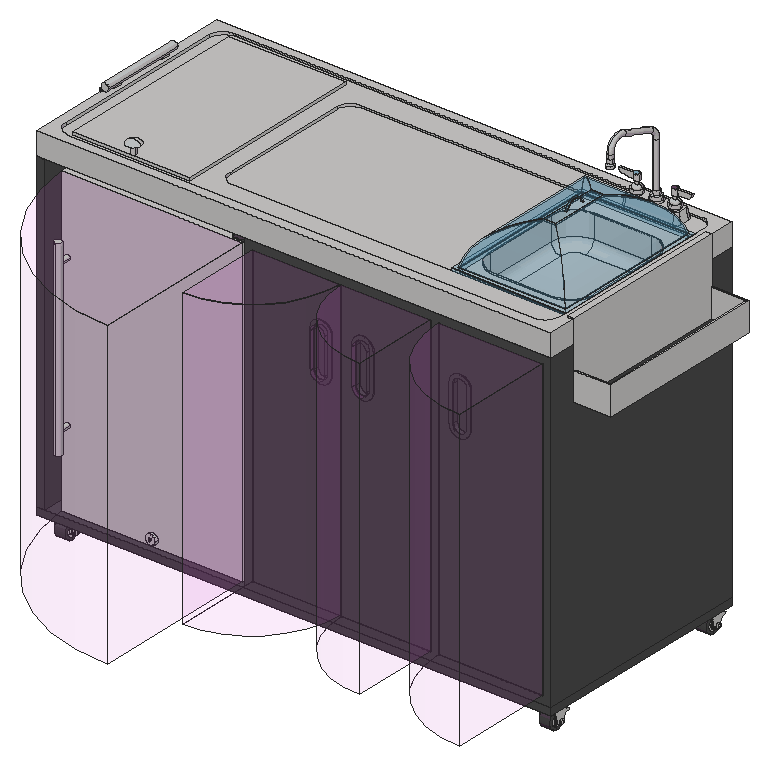
Revit family "QF_Summit_CARTOS54RS_Mobile_Outdoor_Serving_Station_with_Refrigerator", category Specialty Equipment, Revit 2020
Family settings
  Round Connector Dimension = Use Diameter
  Part Type = Normal
  Work Plane-Based = No
  Always vertical = Yes
  Cut with Voids When Loaded = No
  Shared = No
  Room Calculation Point = No
Parameters
  Weight in Pounds = 180
  Watts = Volts * FL Amps  # 0 W
  Volts = 0 V
  URL Cutsheet = ""
  Specification by User = ""
  Specification by Manufacturer = ""
  Show RHD [instance] = yes
  Show LHD [instance] = not(Show RHD)  # no
  Show Clearance [instance] = yes
  Serial Number = ""
  Seismic Rating = ""
  SMACNA No = ""
  Revision Code = ""
  Refrigerant Volume = 0.00 kip
  Refrigerant Type = "R600a"
  Phase = 0
  Number of Poles = 1
  NAFEM Spec ID Number = ""
  Model = "CARTOS54RS"
  Min Ckt Ampacity = 0 A
  Max Overcurrent Protection = 0 A
  Masterspec = ""
  Manufacturer = "Summit"
  Length = 57 7/8"
  Item Number = ""
  Installed By = ""
  Identify Quantity as Lot = yes
  Height = 38 1/2"
  HP = ""
  Furnished By = ""
  Foodservice Equipment Identifier = yes
  FL Amps = 0 A
  Electrical Remarks = ""
  Electric Connection Type = ""
  Elec Conn RI Height = 0"
  Elec Conn Connection Height = 0"
  Description = "Mobile Outdoor Serving Station with Refrigerator"
  Depth = 23 5/8"
  Default Elevation = 0"
  Cycle = 0 Hz
  Conn Plug = ""
  Conn Conduit = yes
  CSI MasterFormat = ""
  Apparent Power = if(Phase = 3, Volts * FL Amps * 1.73, Volts * FL Amps)  # 0 VA
Reference planes (in)
  plane 1 "BACK": y = 0
  plane 2: z = 0
  plane 3 "LEFT": x = -5.125
  plane 4 "RIGHT": x = 48.75
  plane 5 "FRONT": y = -23.625
  plane 6 "TOP": z = 38.5
  plane 7 "Center Y": x = 21.8125
  plane 8 "Center X": y = -11.8125
  plane 9 "Base Height": z = 2.5
  plane 10: y = -38.63
  plane 11: z = 3.25
  plane 12: x = 36
  plane 13: x = 52.75
Forms (in)
  Extrusion 1, solid, material "QF_Metal - Stainless - Polished"
    sketch origin (32, 0, 38.5) x (-1, 0, 0) y (0, -1, 0)
      loop
        line (-16.75, 0) -> (37.125, 0) -> (37.125, 23.625) -> (-16.75, 23.625) -> (-16.75, 0)
      loop
        line (-15.0625, 15.73093) -> (-15.0625, 7.73093)
        arc (-15.0625, 7.73093) -> (-14.31196, 5.91896) -> (-12.5, 5.16843) r 2.5625
        line (-12.5, 5.16843) -> (-6.5, 5.16843)
        arc (-6.5, 5.16843) -> (-4.68804, 5.91896) -> (-3.9375, 7.73093) r 2.5625
        line (-3.9375, 7.73093) -> (-3.9375, 15.73093)
        arc (-3.9375, 15.73093) -> (-4.68804, 17.54289) -> (-6.5, 18.29343) r 2.5625
        line (-6.5, 18.29343) -> (-12.5, 18.29343)
        arc (-12.5, 18.29343) -> (-14.31196, 17.54289) -> (-15.0625, 15.73093) r 2.5625
    from 0 to -2.375
  Sweep 2, solid, material "QF_Metal - Stainless - Polished"
    path origin (31.7054, 0.875, 0) x (1, 0, 0) y (0, 1, 0)
      loop
        arc (4.2946, -16.60593) -> (5.02683, -18.37369) -> (6.7946, -19.10593) r 2.5
        line (6.7946, -19.10593) -> (12.7946, -19.10593)
        arc (12.7946, -19.10593) -> (14.56236, -18.37369) -> (15.2946, -16.60593) r 2.5
        line (15.2946, -16.60593) -> (15.2946, -8.60593)
        arc (15.2946, -8.60593) -> (14.56236, -6.83816) -> (12.7946, -6.10593) r 2.5
        line (12.7946, -6.10593) -> (6.7946, -6.10593)
        arc (6.7946, -6.10593) -> (5.02683, -6.83816) -> (4.2946, -8.60593) r 2.5
        line (4.2946, -8.60593) -> (4.2946, -16.60593)
    profile origin (36, -11.73093, 0) x (-1, 0, 0) y (0, 0, 1)
      loop
        line (0, 38) -> (0, 35.5625)
        arc (0, 35.5625) -> (-0.29289, 34.85539) -> (-1, 34.5625) r 1
        line (-1, 34.5625) -> (-1, 34.5)
        arc (-1, 34.5) -> (-0.2487, 34.8112) -> (0.0625, 35.5625) r 1.0625
        line (0.0625, 35.5625) -> (0.0625, 38) -> (0, 38)
  Extrusion 3, solid, material "QF_Plastic - Black - Smooth"
    sketch origin (-18.18739, -180, 2.5) x (-1, 0, 0) y (0, -1, 0)
      loop
        line (-66.93739, -180) -> (-13.06239, -180) -> (-13.06239, -156.375) -> (-13.93739, -156.375) -> (-13.93739, -179) -> (-34.81239, -179) -> (-34.81239, -156.375) -> (-35.68739, -156.375) -> (-35.68739, -179) -> (-66.06239, -179) -> (-66.06239, -156.375) -> (-66.93739, -156.375) -> (-66.93739, -180)
    from 0.75 to 33.625
  Extrusion 4, solid, material "QF_Plastic - Black - Smooth"
    sketch origin (-4.25, -23.625, 2.5) x (-1, 0, 0) y (0, 0, -1)
      loop
        line (-52.125, -33.625) -> (-41.25, -33.625) -> (-41.25, -32.75) -> (-52.125, -32.75) -> (-52.125, -33.625)
      loop
        line (-40.375, -33.625) -> (-21.75, -33.625) -> (-21.75, -32.75) -> (-40.375, -32.75) -> (-40.375, -33.625)
    from 0 to -1
  Extrusion 5, solid, material "QF_Plastic - Black - Smooth"
    sketch origin (4.5, -1, 2.5) x (1, 0, 0) y (0, 0, 1)
      loop
        line (43.375, 1.625) -> (13, 1.625) -> (13, 0.75) -> (43.375, 0.75) -> (43.375, 1.625)
    from 0 to 22.625
  Extrusion 6, solid, material "QF_Plastic - Black - Smooth"
    sketch origin (20, -23.625, 2.5) x (-1, 0, 0) y (0, 0, -1)
      loop
        line (-27.875, -1.625) -> (-27.875, -32.75) -> (-17, -32.75) -> (-17, -1.625) -> (-27.875, -1.625)
      loop
        line (-16.125, -32.75) -> (-6.8125, -32.75) -> (-6.8125, -1.625) -> (-16.125, -1.625) -> (-16.125, -32.75)
      loop
        line (-6.6875, -32.75) -> (2.5, -32.75) -> (2.5, -1.625) -> (-6.6875, -1.625) -> (-6.6875, -32.75)
    from 0 to -1
  Extrusion 7, void
    sketch origin (7.40962, -23.625, 2.5) x (-1, 0, 0) y (0, 0, -1)
      loop
        arc (-32.59038, -27.625) -> (-31.84038, -28.375) -> (-31.09038, -27.625) r 0.75
        line (-31.09038, -27.625) -> (-31.09038, -23.875)
        arc (-31.09038, -23.875) -> (-31.84038, -23.125) -> (-32.59038, -23.875) r 0.75
        line (-32.59038, -23.875) -> (-32.59038, -27.625)
    from 0.5 to -0.5009
  Extrusion 8, solid, material "QF_Plastic - Black - Smooth"
    sketch origin (27.47212, -23.625, 2.5) x (-1, 0, 0) y (0, 0, -1)
      loop
        arc (3.53462, -23.875) -> (2.78462, -23.125) -> (2.03462, -23.875) r 0.75
        line (2.03462, -23.875) -> (2.03462, -27.625)
        arc (2.03462, -27.625) -> (2.78462, -28.375) -> (3.53462, -27.625) r 0.75
        line (3.53462, -27.625) -> (3.53462, -23.875)
      loop
        line (3.90962, -27.625) -> (3.90962, -23.875)
        arc (3.90962, -23.875) -> (2.78462, -22.75) -> (1.65962, -23.875) r 1.125
        line (1.65962, -23.875) -> (1.65962, -27.625)
        arc (1.65962, -27.625) -> (2.78462, -28.75) -> (3.90962, -27.625) r 1.125
    from 0 to 0.0625
  Extrusion 9, solid, material "QF_Metal - Stainless - Polished"
    sketch origin (17.8135, 0.875, 5.375) x (1, 0, 0) y (0, 1, 0)
      loop
        line (19.1865, -8.60593) -> (19.1865, -16.60593)
        arc (19.1865, -16.60593) -> (19.62584, -17.66659) -> (20.6865, -18.10593) r 1.5
        line (20.6865, -18.10593) -> (26.6865, -18.10593)
        arc (26.6865, -18.10593) -> (27.74716, -17.66659) -> (28.1865, -16.60593) r 1.5
        line (28.1865, -16.60593) -> (28.1865, -8.60593)
        arc (28.1865, -8.60593) -> (27.74716, -7.54527) -> (26.6865, -7.10593) r 1.5
        line (26.6865, -7.10593) -> (20.6865, -7.10593)
        arc (20.6865, -7.10593) -> (19.62584, -7.54527) -> (19.1865, -8.60593) r 1.5
      loop
        circle (22.6865, -15.35593) r 0.875
    from 29.125 to 29.1875
  Extrusion 10, solid, material "QF_Clearances_Door_Drawer", visible <- "Show Clearance"
    sketch origin (-7.19319, 0, 0) x (1, 0, 0) y (0, 1, 0)
      loop
        line (33.88069, -23.625) -> (24.69319, -23.625) -> (24.69319, -32.8125)
        arc (24.69319, -32.8125) -> (31.18974, -30.12154) -> (33.88069, -23.625) r 9.1875
      loop
        arc (34.00569, -23.625) -> (36.73326, -30.20993) -> (43.31819, -32.9375) r 9.3125
        line (43.31819, -32.9375) -> (43.31819, -23.625) -> (34.00569, -23.625)
      loop
        arc (44.19319, -23.625) -> (47.37841, -31.31479) -> (55.06819, -34.5) r 10.875
        line (55.06819, -34.5) -> (55.06819, -23.625) -> (44.19319, -23.625)
    from 4.125 to 35.25
  Extrusion 11, void
    sketch origin (32, 0, 38.5) x (-1, 0, 0) y (0, -1, 0)
      loop
        line (36.125, 2.35593) -> (36.125, 21.125)
        arc (36.125, 21.125) -> (35.68566, 22.18566) -> (34.625, 22.625) r 1.5
        line (34.625, 22.625) -> (-14.25, 22.625)
        arc (-14.25, 22.625) -> (-15.31066, 22.18566) -> (-15.75, 21.125) r 1.5
        line (-15.75, 21.125) -> (-15.75, 2.35593)
        arc (-15.75, 2.35593) -> (-15.31066, 1.29527) -> (-14.25, 0.85593) r 1.5
        line (-14.25, 0.85593) -> (34.625, 0.85593)
        arc (34.625, 0.85593) -> (35.68566, 1.29527) -> (36.125, 2.35593) r 1.5
      loop
        line (-6.5, 18.29343) -> (-12.5, 18.29343)
        arc (-12.5, 18.29343) -> (-14.31196, 17.54289) -> (-15.0625, 15.73093) r 2.5625
        line (-15.0625, 15.73093) -> (-15.0625, 7.73093)
        arc (-15.0625, 7.73093) -> (-14.31196, 5.91896) -> (-12.5, 5.16843) r 2.5625
        line (-12.5, 5.16843) -> (-6.5, 5.16843)
        arc (-6.5, 5.16843) -> (-4.68804, 5.91896) -> (-3.9375, 7.73093) r 2.5625
        line (-3.9375, 7.73093) -> (-3.9375, 15.73093)
        arc (-3.9375, 15.73093) -> (-4.68804, 17.54289) -> (-6.5, 18.29343) r 2.5625
    from -0.25 to 1
  Extrusion 12, void
    sketch origin (32, 0, 38.25) x (-1, 0, 0) y (0, -1, 0)
      loop
        arc (19.25, 3.35593) -> (20.31066, 3.79527) -> (20.75, 4.85593) r 1.5
        line (20.75, 4.85593) -> (20.75, 18.85593)
        arc (20.75, 18.85593) -> (20.31066, 19.91659) -> (19.25, 20.35593) r 1.5
        line (19.25, 20.35593) -> (-15.75, 20.35593) -> (-15.75, 3.35593) -> (19.25, 3.35593)
      loop
        line (22.4375, 1.5) -> (34.6875, 1.5) -> (34.6875, 22) -> (22.4375, 22) -> (22.4375, 1.5)
    from -0.25 to 1
  Extrusion 13, void
    sketch origin (8.05337, -23.625, 7.37985) x (-1, 0, 0) y (0, 0, -1)
      loop
        line (-21.75913, -18.99515) -> (-21.75913, -22.74515)
        arc (-21.75913, -22.74515) -> (-21.00913, -23.49515) -> (-20.25913, -22.74515) r 0.75
        line (-20.25913, -22.74515) -> (-20.25913, -18.99515)
        arc (-20.25913, -18.99515) -> (-21.00913, -18.24515) -> (-21.75913, -18.99515) r 0.75
    from 0.5 to -0.5009
  Extrusion 14, solid, material "QF_Plastic - Black - Smooth"
    sketch origin (22.30337, -23.625, 7.37985) x (-1, 0, 0) y (0, 0, -1)
      loop
        arc (-7.50913, -22.74515) -> (-6.75913, -23.49515) -> (-6.00913, -22.74515) r 0.75
        line (-6.00913, -22.74515) -> (-6.00913, -18.99515)
        arc (-6.00913, -18.99515) -> (-6.75913, -18.24515) -> (-7.50913, -18.99515) r 0.75
        line (-7.50913, -18.99515) -> (-7.50913, -22.74515)
      loop
        arc (-7.88413, -22.74515) -> (-6.75913, -23.87015) -> (-5.63413, -22.74515) r 1.125
        line (-5.63413, -22.74515) -> (-5.63413, -18.99515)
        arc (-5.63413, -18.99515) -> (-6.75913, -17.87015) -> (-7.88413, -18.99515) r 1.125
        line (-7.88413, -18.99515) -> (-7.88413, -22.74515)
    from 0 to 0.0625
  Extrusion 15, solid, material "QF_Plastic - Black - Smooth"
    sketch origin (-11.06091, -180, 2.5) x (-1, 0, 0) y (0, -1, 0)
      loop
        line (-5.93591, -180) -> (-5.93591, -156.375) -> (-59.81091, -156.375) -> (-59.81091, -180) -> (-5.93591, -180)
    from 0 to 0.75
  Extrusion 16, void
    sketch origin (12.42837, -23.625, 7.37985) x (-1, 0, 0) y (0, 0, -1)
      loop
        line (-13.00913, -18.99515) -> (-13.00913, -22.74515)
        arc (-13.00913, -22.74515) -> (-12.25913, -23.49515) -> (-11.50913, -22.74515) r 0.75
        line (-11.50913, -22.74515) -> (-11.50913, -18.99515)
        arc (-11.50913, -18.99515) -> (-12.25913, -18.24515) -> (-13.00913, -18.99515) r 0.75
    from 0.5 to -0.5009
  Extrusion 17, solid, material "QF_Plastic - Black - Smooth"
    sketch origin (32.49087, -23.625, 7.37985) x (-1, 0, 0) y (0, 0, -1)
      loop
        arc (-7.50913, -22.74515) -> (-6.75913, -23.49515) -> (-6.00913, -22.74515) r 0.75
        line (-6.00913, -22.74515) -> (-6.00913, -18.99515)
        arc (-6.00913, -18.99515) -> (-6.75913, -18.24515) -> (-7.50913, -18.99515) r 0.75
        line (-7.50913, -18.99515) -> (-7.50913, -22.74515)
      loop
        arc (-7.88413, -22.74515) -> (-6.75913, -23.87015) -> (-5.63413, -22.74515) r 1.125
        line (-5.63413, -22.74515) -> (-5.63413, -18.99515)
        arc (-5.63413, -18.99515) -> (-6.75913, -17.87015) -> (-7.88413, -18.99515) r 1.125
        line (-7.88413, -18.99515) -> (-7.88413, -22.74515)
    from 0 to 0.0625
  Extrusion 18, solid, material "QF_Plastic - Black - Smooth"
    sketch origin (-4.25, -23.625, 2.5) x (-1, 0, 0) y (0, 0, -1)
      loop
        line (-41.25, -33.625) -> (-40.375, -33.625) -> (-40.375, -0.75) -> (-41.25, -0.75) -> (-41.25, -33.625)
    from 0 to -1
  Sweep 19, solid, material "Glass"
    path origin (39.96005, -0.00258, 38) x (-1, 0, 0) y (0, -1, 0)
      loop
        line (4.26563, 20.35335) -> (-7.78995, 20.35335) -> (-7.78995, 3.35335) -> (4.26563, 3.35335) -> (4.26563, 20.35335)
    profile origin (35.69442, -11.85593, 38) x (-1, 0, 0) y (0, 0, 1)
      loop
        line (0, 0) -> (0, 0.5) -> (-0.5, 0.5) -> (-0.5, 0) -> (0, 0)
  Sweep 20, solid, material "Glass"
    path in 3D
      loop
        line (36.19442, -3.85593, 38.5) -> (47.25, -3.85593, 38.5) -> (47.25, -19.85593, 38.5) -> (36.19442, -19.85593, 38.5) -> (36.19442, -3.85593, 38.5)
    profile origin (36.19442, -11.85593, 38.5) x (-1, 0, 0) y (0, 0, 1)
      loop
        arc (0.12794, 0) -> (-1.6564, 2.93188) -> (-4.8745, 4.12503) r 5.22703
        line (-4.8745, 4.12503) -> (-4.8745, 4)
        arc (-4.8745, 4) -> (-1.74534, 2.84318) -> (0, 0) r 5.10203
        line (0, 0) -> (0.12794, 0)
  Extrusion 21, solid, material "Glass"
    sketch origin (41.6245, -15.56871, 42.49525) x (0, 0, 1) y (0, 1, 0)
      loop
        arc (0.12978, 2.63306) -> (1.00643, 3.76261) -> (0.12978, 4.89216) r 1.16603
        line (0.12978, 4.89216) -> (0.12978, 4.76261)
        arc (0.12978, 4.76261) -> (0.88143, 3.76261) -> (0.12978, 2.76261) r 1.04103
        line (0.12978, 2.76261) -> (0.12978, 2.63306)
    from 0 to -0.251
  Sweep 22, solid, material "Glass", not visible
    path origin (0, 0, 38.25) x (-1, 0, 0) y (0, -1, 0)
      loop
        line (4.26563, 20.35335) -> (-7.78995, 20.35335) -> (-7.78995, 3.35335) -> (4.26563, 3.35335) -> (4.26563, 20.35335)
    profile origin (-4.26563, -11.85335, 38.25) x (-1, 0, 0) y (0, 0, 1)
      loop
        line (0, 0) -> (0, 0.5) -> (-0.5, 0.5) -> (-0.5, 0) -> (0, 0)
  Sweep 23, solid, material "Glass", not visible
    path in 3D
      loop
        line (-3.76563, -3.85335, 38.75) -> (7.28995, -3.85335, 38.75) -> (7.28995, -19.85335, 38.75) -> (-3.76563, -19.85335, 38.75) -> (-3.76563, -3.85335, 38.75)
    profile origin (-3.76563, -11.85335, 38.75) x (-1, 0, 0) y (0, 0, 1)
      loop
        arc (0.12794, 0) -> (-1.6564, 2.93188) -> (-4.8745, 4.12503) r 5.22703
        line (-4.8745, 4.12503) -> (-4.8745, 4)
        arc (-4.8745, 4) -> (-1.74534, 2.84318) -> (0, 0) r 5.10203
        line (0, 0) -> (0.12794, 0)
  Extrusion 24, solid, material "Glass", not visible
    sketch origin (1.66445, -15.56613, 42.74525) x (0, 0, 1) y (0, 1, 0)
      loop
        arc (0.12978, 2.63306) -> (1.00643, 3.76261) -> (0.12978, 4.89216) r 1.16603
        line (0.12978, 4.89216) -> (0.12978, 4.76261)
        arc (0.12978, 4.76261) -> (0.88143, 3.76261) -> (0.12978, 2.76261) r 1.04103
        line (0.12978, 2.76261) -> (0.12978, 2.63306)
    from 0 to -0.251
  Extrusion 25, solid, material "Glass"
    sketch origin (41.06892, -14.98142, 42.5) x (0, 1, 0) y (0, 0, 1)
      loop
        line (0, 0) -> (6.251, 0) -> (6.251, 0.12503) -> (0, 0.12503) -> (0, 0)
    from 0 to 1.30657
  Extrusion 26, solid, material "Glass", not visible
    sketch origin (1.10888, -14.97885, 42.75) x (0, 1, 0) y (0, 0, 1)
      loop
        line (0, 0) -> (6.251, 0) -> (6.251, 0.12503) -> (0, 0.12503) -> (0, 0)
    from 0 to 1.30657
  Extrusion 27, solid, material "QF_Metal - Stainless - Polished"
    sketch origin (43.625, 0, 38.5) x (1, 0, 0) y (0, 1, 0)
      loop
        line (9.125, -2.8125) -> (5.125, -2.8125) -> (5.125, -20.8125) -> (9.125, -20.8125) -> (9.125, -2.8125)
      loop
        line (9, -2.9375) -> (5.25, -2.9375) -> (5.25, -20.6875) -> (9, -20.6875) -> (9, -2.9375)
    from -4.75 to -7.75
  Extrusion 28, solid, material "QF_Metal - Stainless - Polished"
    sketch origin (43.625, -11.8125, 0) x (1, 0, 0) y (0, 0, -1)
      loop
        line (5.25, -33.75) -> (5.125, -33.75) -> (5.125, -38.5) -> (4.625, -38.5) -> (4.625, -38.625) -> (5.25, -38.625) -> (5.25, -33.75)
    from -9 to 9
  Extrusion 29, solid, material "QF_Metal - Stainless - Polished"
    sketch origin (43.625, 0, 0) x (-1, 0, 0) y (0, 0, -1)
      loop
        circle (47.5, -39.77998) r 0.375
    from 7.23093 to 16.24046
  Extrusion 30, solid, material "QF_Metal - Stainless - Polished"
    sketch origin (43.625, 0, 0) x (-1, 0, 0) y (0, 0, -1)
      loop
        arc (47.25, -39.50047) -> (47.52746, -39.40598) -> (47.78815, -39.53999) r 0.375
        line (47.78815, -39.53999) -> (48.83236, -38.80883)
        arc (48.83236, -38.80883) -> (48.8637, -38.77309) -> (48.875, -38.72691) r 0.1
        line (48.875, -38.72691) -> (48.875, -37.66184) -> (48.75, -37.66184) -> (48.75, -38.66184)
        arc (48.75, -38.66184) -> (48.7387, -38.70801) -> (48.70736, -38.74376) r 0.1
        line (48.70736, -38.74376) -> (47.85473, -39.34077)
        arc (47.85473, -39.34077) -> (47.80199, -39.35875) -> (47.74781, -39.34571) r 0.1
        arc (47.74781, -39.34571) -> (47.62819, -39.29669) -> (47.5, -39.27998) r 0.5
        arc (47.5, -39.27998) -> (47.37059, -39.29701) -> (47.25, -39.34696) r 0.5
        line (47.25, -39.34696) -> (47.25, -39.50047)
    from 8.24046 to 8.99046
  Extrusion 31, solid, material "QF_Metal - Stainless - Polished"
    sketch origin (43.625, -11.8125, 0) x (1, 0, 0) y (0, 0, -1)
      loop
        line (-47.85473, -39.34077) -> (-48.70736, -38.74376)
        arc (-48.70736, -38.74376) -> (-48.7387, -38.70801) -> (-48.75, -38.66184) r 0.1
        line (-48.75, -38.66184) -> (-48.75, -37.66184) -> (-48.875, -37.66184) -> (-48.875, -38.72691)
        arc (-48.875, -38.72691) -> (-48.8637, -38.77309) -> (-48.83236, -38.80883) r 0.1
        line (-48.83236, -38.80883) -> (-47.78815, -39.53999)
        arc (-47.78815, -39.53999) -> (-47.52746, -39.40598) -> (-47.25, -39.50047) r 0.375
        line (-47.25, -39.50047) -> (-47.25, -39.34696)
        arc (-47.25, -39.34696) -> (-47.37059, -39.29701) -> (-47.5, -39.27998) r 0.5
        arc (-47.5, -39.27998) -> (-47.62819, -39.29669) -> (-47.74781, -39.34571) r 0.5
        arc (-47.74781, -39.34571) -> (-47.80199, -39.35875) -> (-47.85473, -39.34077) r 0.1
    from -2.67796 to -3.42796
  Extrusion 32, solid, material "QF_Metal - Stainless - Polished"
    sketch origin (11.625, 0, 38.25) x (1, 0, 0) y (0, 1, 0)
      loop
        line (-2.0625, -1.5) -> (-14.3125, -1.5) -> (-14.3125, -22) -> (-2.0625, -22) -> (-2.0625, -1.5)
    from 0 to 0.25
  Revolve 33, solid, material "QF_Metal - Stainless - Polished"
    sketch origin (43.625, -21.65625, 0) x (1, 0, 0) y (0, 0, -1)
      loop
        line (-40.1875, -38.5) -> (-40.1875, -39.84973)
        arc (-40.1875, -39.84973) -> (-39.76578, -39.77505) -> (-39.4375, -39.5) r 0.82968
        line (-39.4375, -39.5) -> (-39.9375, -39.5) -> (-39.9375, -38.5) -> (-40.1875, -38.5)
      axis (-40.1875, -39.84973) -> (-40.1875, -38.5)
    angle from 0 to 360
Cuts and joins
  joined: Extrusion 3, Extrusion 4, Extrusion 5, Extrusion 18
  Extrusion 7, Extrusion 13, Extrusion 16 cuts Extrusion 6
  Extrusion 13 cuts Extrusion 8
  Extrusion 13, Extrusion 16 cuts Extrusion 10
  Extrusion 13, Extrusion 16 cuts Extrusion 14
  Extrusion 11, Extrusion 12 cuts Extrusion 1
  Extrusion 16 cuts Extrusion 17
  joined: Sweep 2, Extrusion 9
  joined: Sweep 19, Sweep 20, Extrusion 21, Extrusion 25
  joined: Extrusion 27, Extrusion 28
Lines and regions (in)
  Split face 1
    outline origin (11.625, 0, 38.5) x (1, 0, 0) y (0, 1, 0)
      loop
        line (-2.75, -2.1875) -> (-13.625, -2.1875) -> (-13.625, -21.3125) -> (-2.75, -21.3125) -> (-2.75, -2.1875)
  Split face 2
    outline origin (12.75, -3.35593, 38) x (0, -1, 0) y (1, 0, 0)
      loop
        arc (1.875, 0.375) -> (2.25, 0) -> (2.625, 0.375) r 0.375
        line (2.625, 0.375) -> (2.625, 21.125)
        arc (2.625, 21.125) -> (2.25, 21.5) -> (1.875, 21.125) r 0.375
        line (1.875, 21.125) -> (1.875, 0.375)
  Split face 3
    outline origin (12.75, -3.35593, 38) x (0, -1, 0) y (1, 0, 0)
      loop
        line (3.125, 21.125) -> (3.125, 0.375)
        arc (3.125, 0.375) -> (3.5, 0) -> (3.875, 0.375) r 0.375
        line (3.875, 0.375) -> (3.875, 21.125)
        arc (3.875, 21.125) -> (3.5, 21.5) -> (3.125, 21.125) r 0.375
  Split face 4
    outline origin (12.75, -3.35593, 38) x (0, -1, 0) y (1, 0, 0)
      loop
        line (4.375, 21.125) -> (4.375, 0.375)
        arc (4.375, 0.375) -> (4.75, 0) -> (5.125, 0.375) r 0.375
        line (5.125, 0.375) -> (5.125, 21.125)
        arc (5.125, 21.125) -> (4.75, 21.5) -> (4.375, 21.125) r 0.375
  Split face 5
    outline origin (12.75, -3.35593, 38) x (0, -1, 0) y (1, 0, 0)
      loop
        arc (6.375, 21.125) -> (6, 21.5) -> (5.625, 21.125) r 0.375
        line (5.625, 21.125) -> (5.625, 0.375)
        arc (5.625, 0.375) -> (6, 0) -> (6.375, 0.375) r 0.375
        line (6.375, 0.375) -> (6.375, 21.125)
  Split face 6
    outline origin (12.75, -3.35593, 38) x (0, -1, 0) y (1, 0, 0)
      loop
        arc (6.875, 0.375) -> (7.25, 0) -> (7.625, 0.375) r 0.375
        line (7.625, 0.375) -> (7.625, 21.125)
        arc (7.625, 21.125) -> (7.25, 21.5) -> (6.875, 21.125) r 0.375
        line (6.875, 21.125) -> (6.875, 0.375)
  Split face 7
    outline origin (12.75, -3.35593, 38) x (0, -1, 0) y (1, 0, 0)
      loop
        arc (8.125, 0.375) -> (8.5, 0) -> (8.875, 0.375) r 0.375
        line (8.875, 0.375) -> (8.875, 21.125)
        arc (8.875, 21.125) -> (8.5, 21.5) -> (8.125, 21.125) r 0.375
        line (8.125, 21.125) -> (8.125, 0.375)
  Split face 8
    outline origin (12.75, -3.35593, 38) x (0, -1, 0) y (1, 0, 0)
      loop
        line (9.375, 21.125) -> (9.375, 0.375)
        arc (9.375, 0.375) -> (9.75, 0) -> (10.125, 0.375) r 0.375
        line (10.125, 0.375) -> (10.125, 21.125)
        arc (10.125, 21.125) -> (9.75, 21.5) -> (9.375, 21.125) r 0.375
  Split face 9
    outline origin (12.75, -3.35593, 38) x (0, -1, 0) y (1, 0, 0)
      loop
        arc (10.625, 0.375) -> (11, 0) -> (11.375, 0.375) r 0.375
        line (11.375, 0.375) -> (11.375, 21.125)
        arc (11.375, 21.125) -> (11, 21.5) -> (10.625, 21.125) r 0.375
        line (10.625, 21.125) -> (10.625, 0.375)
  Split face 10
    outline origin (12.75, -3.35593, 38) x (0, -1, 0) y (1, 0, 0)
      loop
        line (11.875, 21.125) -> (11.875, 0.375)
        arc (11.875, 0.375) -> (12.25, 0) -> (12.625, 0.375) r 0.375
        line (12.625, 0.375) -> (12.625, 21.125)
        arc (12.625, 21.125) -> (12.25, 21.5) -> (11.875, 21.125) r 0.375
  Split face 11
    outline origin (12.75, -3.35593, 38) x (0, -1, 0) y (1, 0, 0)
      loop
        line (13.125, 21.125) -> (13.125, 0.375)
        arc (13.125, 0.375) -> (13.5, 0) -> (13.875, 0.375) r 0.375
        line (13.875, 0.375) -> (13.875, 21.125)
        arc (13.875, 21.125) -> (13.5, 21.5) -> (13.125, 21.125) r 0.375
  Split face 12
    outline origin (12.75, -3.35593, 38) x (0, -1, 0) y (1, 0, 0)
      loop
        line (14.375, 21.125) -> (14.375, 0.375)
        arc (14.375, 0.375) -> (14.75, 0) -> (15.125, 0.375) r 0.375
        line (15.125, 0.375) -> (15.125, 21.125)
        arc (15.125, 21.125) -> (14.75, 21.5) -> (14.375, 21.125) r 0.375
  sketch lines
    curve 1: line (36.19442, -19.85593, 38.5) -> (36.19442, -3.85593, 38.5)
    curve 2: line (36.19442, -3.85593, 38.5) -> (47.25, -3.85593, 38.5)
    curve 3: line (47.25, -19.85593, 38.5) -> (36.19442, -19.85593, 38.5)
    curve 4: line (47.25, -3.85593, 38.5) -> (47.25, -19.85593, 38.5)
  sketch lines, not visible
    curve 5: line (-3.76563, -19.85335, 38.75) -> (-3.76563, -3.85335, 38.75)
    curve 6: line (-3.76563, -3.85335, 38.75) -> (7.28995, -3.85335, 38.75)
    curve 7: line (7.28995, -19.85335, 38.75) -> (-3.76563, -19.85335, 38.75)
    curve 8: line (7.28995, -3.85335, 38.75) -> (7.28995, -19.85335, 38.75)
  symbolic lines
    curve 9: line (35.69442, -3.3585, 38.5) -> (37.42775, -3.3585, 38.5)
    curve 10: line (35.69442, -20.35593, 38.5) -> (35.69442, -3.3585, 38.5)
    curve 11: line (47.75, -20.35593, 38.5) -> (35.69442, -20.35593, 38.5)
    curve 12: line (47.75, -3.35593, 38.5) -> (47.75, -20.35593, 38.5)
    curve 13: line (41.6245, -10.67655, 38.5) -> (41.8755, -10.67655, 38.5)
    curve 14: line (41.6245, -12.93564, 38.5) -> (41.6245, -10.67655, 38.5)
    curve 15: line (41.8755, -12.93564, 38.5) -> (41.6245, -12.93564, 38.5)
    curve 16: line (41.8755, -10.67655, 38.5) -> (41.8755, -12.93564, 38.5)
    curve 25: line (-5.125, 0, 38.5) -> (48.75, 0, 38.5)
    curve 26: line (-5.125, -23.625, 38.5) -> (-5.125, -15.24046, 38.5)
    curve 27: line (48.75, -23.625, 38.5) -> (-5.125, -23.625, 38.5)
    curve 28: line (48.75, 0, 38.5) -> (48.75, -2.8125, 38.5)
    curve 29: line (48.75, -20.875, 38.5) -> (48.75, -23.625, 38.5)
    curve 30: arc (46.25, -0.85593, 38.5) -> (47.31066, -1.29527, 38.5) -> (47.75, -2.35593, 38.5) r 1.5
    curve 31: line (47.75, -2.35593, 38.5) -> (47.75, -7.23093, 38.5)
    curve 32: arc (47.75, -21.125, 38.5) -> (47.31066, -22.18566, 38.5) -> (46.25, -22.625, 38.5) r 1.5
    curve 33: line (46.25, -22.625, 38.5) -> (-2.625, -22.625, 38.5)
    curve 34: arc (-2.625, -22.625, 38.5) -> (-3.68566, -22.18566, 38.5) -> (-4.125, -21.125, 38.5) r 1.5
    curve 35: arc (-4.125, -2.35593, 38.5) -> (-3.68566, -1.29527, 38.5) -> (-2.625, -0.85593, 38.5) r 1.5
    curve 36: line (-2.625, -0.85593, 38.5) -> (46.25, -0.85593, 38.5)
    curve 37: line (47.75, -16.24046, 38.5) -> (47.75, -21.125, 38.5)
    curve 38: line (12.75, -20.35593, 38.5) -> (47.75, -20.35593, 38.5)
    curve 39: line (-5.125, -8.25, 38.5) -> (-5.125, 0, 38.5)
    curve 40: line (36.06648, -3.72798, 38.5) -> (42.19091, -3.72798, 38.5)
    curve 41: line (36.06648, -19.98387, 38.5) -> (36.06648, -3.72798, 38.5)
    curve 42: line (47.37794, -19.98387, 38.5) -> (36.06648, -19.98387, 38.5)
    curve 43: line (47.37794, -3.72798, 38.5) -> (47.37794, -19.98387, 38.5)
    curve 44: line (42.3755, -8.73043, 38.5) -> (47.37794, -3.72798, 38.5)
    curve 45: line (36.06648, -3.72798, 38.5) -> (41.06892, -8.73043, 38.5)
    curve 46: line (41.06892, -14.98142, 38.5) -> (36.06648, -19.98387, 38.5)
    curve 47: line (47.25, -19.85593, 38.5) -> (42.3755, -14.98142, 38.5)
    curve 48: line (41.06892, -8.73043, 38.5) -> (42.3755, -8.73043, 38.5)
    curve 49: line (41.06892, -14.98142, 38.5) -> (41.06892, -8.73043, 38.5)
    curve 50: line (42.3755, -14.98142, 38.5) -> (41.06892, -14.98142, 38.5)
    curve 51: line (42.3755, -8.73043, 38.5) -> (42.3755, -14.98142, 38.5)
    curve 64: line (47.75, -21.125, 38.5) -> (47.75, -2.35593, 38.5)
    curve 65: line (52.75, -2.8125, 38.5) -> (48.25, -2.8125, 38.5)
    curve 66: line (52.75, -20.8125, 38.5) -> (52.75, -2.8125, 38.5)
    curve 67: line (48.25, -20.8125, 38.5) -> (52.75, -20.8125, 38.5)
    curve 68: line (48.25, -2.8125, 38.5) -> (48.25, -20.8125, 38.5)
    curve 69: line (52.625, -2.9375, 38.5) -> (48.875, -2.9375, 38.5)
    curve 70: line (52.625, -20.6875, 38.5) -> (52.625, -2.9375, 38.5)
    curve 71: line (48.875, -20.6875, 38.5) -> (52.625, -20.6875, 38.5)
    curve 72: line (48.875, -2.9375, 38.5) -> (48.875, -20.6875, 38.5)
    curve 73: line (-4.22973, -8.24046, 38.5) -> (-5.25, -8.24046, 38.5)
    curve 74: line (-5.25, -8.24046, 38.5) -> (-5.25, -8.99046, 38.5)
    curve 75: line (-5.25, -8.99046, 38.5) -> (-4.22973, -8.99046, 38.5)
    curve 76: line (-4.22973, -14.49046, 38.5) -> (-5.25, -14.49046, 38.5)
    curve 77: line (-5.25, -14.49046, 38.5) -> (-5.25, -15.24046, 38.5)
    curve 78: line (-5.25, -15.24046, 38.5) -> (-4.22973, -15.24046, 38.5)
    curve 79: line (-3.5, -7.23093, 38.5) -> (-4.25, -7.23093, 38.5)
    curve 80: line (-3.5, -16.24046, 38.5) -> (-3.5, -7.23093, 38.5)
    curve 81: line (-4.25, -16.24046, 38.5) -> (-3.5, -16.24046, 38.5)
    curve 82: line (-4.25, -7.23093, 38.5) -> (-4.25, -16.24046, 38.5)
    curve 83: line (-5.125, -8.99046, 38.5) -> (-5.125, -14.49046, 38.5)
    curve 84: line (-2.6875, -22, 38.5) -> (-2.6875, -1.5, 38.5)
    curve 85: line (-2.6875, -1.5, 38.5) -> (9.5625, -1.5, 38.5)
    curve 86: line (9.5625, -1.5, 38.5) -> (9.5625, -22, 38.5)
    curve 87: line (9.5625, -22, 38.5) -> (4.10409, -22, 38.5)
    curve 88: line (8.875, -21.3125, 38.5) -> (4.10409, -21.3125, 38.5)
    curve 89: line (8.875, -2.1875, 38.5) -> (8.875, -21.3125, 38.5)
    curve 90: line (-2, -21.3125, 38.5) -> (-2, -2.1875, 38.5)
    curve 91: line (-2, -2.1875, 38.5) -> (8.875, -2.1875, 38.5)
    curve 92: circle (3.4375, -21.65625, 38.5) r 0.75 normal (0, 0, -1)
    curve 93: line (2.77091, -21.3125, 38.5) -> (-2, -21.3125, 38.5)
    curve 94: line (2.77091, -22, 38.5) -> (-2.6875, -22, 38.5)
    curve 100: arc (11.25, -4.85593, 38.5) -> (11.68934, -3.79527, 38.5) -> (12.75, -3.35593, 38.5) r 1.5
    curve 101: line (11.25, -18.85593, 38.5) -> (11.25, -4.85593, 38.5)
    curve 102: arc (12.75, -20.35593, 38.5) -> (11.68934, -19.91659, 38.5) -> (11.25, -18.85593, 38.5) r 1.5
    curve 103: line (13.125, -5.23093, 38.5) -> (33.875, -5.23093, 38.5)
    curve 104: arc (33.875, -5.23093, 38.5) -> (34.25, -5.60593, 38.5) -> (33.875, -5.98093, 38.5) r 0.375
    curve 105: line (33.875, -5.98093, 38.5) -> (13.125, -5.98093, 38.5)
    curve 106: arc (13.125, -5.98093, 38.5) -> (12.75, -5.60593, 38.5) -> (13.125, -5.23093, 38.5) r 0.375
    curve 107: line (33.875, -6.48093, 38.5) -> (13.125, -6.48093, 38.5)
    curve 108: arc (13.125, -6.48093, 38.5) -> (12.75, -6.85593, 38.5) -> (13.125, -7.23093, 38.5) r 0.375
    curve 109: line (13.125, -7.23093, 38.5) -> (33.875, -7.23093, 38.5)
    curve 110: arc (33.875, -7.23093, 38.5) -> (34.25, -6.85593, 38.5) -> (33.875, -6.48093, 38.5) r 0.375
    curve 111: line (33.875, -7.73093, 38.5) -> (13.125, -7.73093, 38.5)
    curve 112: arc (13.125, -7.73093, 38.5) -> (12.75, -8.10593, 38.5) -> (13.125, -8.48093, 38.5) r 0.375
    curve 113: line (13.125, -8.48093, 38.5) -> (33.875, -8.48093, 38.5)
    curve 114: arc (33.875, -8.48093, 38.5) -> (34.25, -8.10593, 38.5) -> (33.875, -7.73093, 38.5) r 0.375
    curve 115: line (13.125, -8.98093, 38.5) -> (33.875, -8.98093, 38.5)
    curve 116: arc (33.875, -8.98093, 38.5) -> (34.25, -9.35593, 38.5) -> (33.875, -9.73093, 38.5) r 0.375
    curve 117: line (33.875, -9.73093, 38.5) -> (13.125, -9.73093, 38.5)
    curve 118: arc (13.125, -9.73093, 38.5) -> (12.75, -9.35593, 38.5) -> (13.125, -8.98093, 38.5) r 0.375
    curve 119: line (13.125, -10.23093, 38.5) -> (33.875, -10.23093, 38.5)
    curve 120: arc (33.875, -10.23093, 38.5) -> (34.25, -10.60593, 38.5) -> (33.875, -10.98093, 38.5) r 0.375
    curve 121: line (33.875, -10.98093, 38.5) -> (13.125, -10.98093, 38.5)
    curve 122: arc (13.125, -10.98093, 38.5) -> (12.75, -10.60593, 38.5) -> (13.125, -10.23093, 38.5) r 0.375
    curve 123: line (13.125, -11.48093, 38.5) -> (33.875, -11.48093, 38.5)
    curve 124: arc (33.875, -11.48093, 38.5) -> (34.25, -11.85593, 38.5) -> (33.875, -12.23093, 38.5) r 0.375
    curve 125: line (33.875, -12.23093, 38.5) -> (13.125, -12.23093, 38.5)
    curve 126: arc (13.125, -12.23093, 38.5) -> (12.75, -11.85593, 38.5) -> (13.125, -11.48093, 38.5) r 0.375
    curve 127: line (33.875, -12.73093, 38.5) -> (13.125, -12.73093, 38.5)
    curve 128: arc (13.125, -12.73093, 38.5) -> (12.75, -13.10593, 38.5) -> (13.125, -13.48093, 38.5) r 0.375
    curve 129: line (13.125, -13.48093, 38.5) -> (33.875, -13.48093, 38.5)
    curve 130: arc (33.875, -13.48093, 38.5) -> (34.25, -13.10593, 38.5) -> (33.875, -12.73093, 38.5) r 0.375
    curve 131: line (13.125, -13.98093, 38.5) -> (33.875, -13.98093, 38.5)
    curve 132: arc (33.875, -13.98093, 38.5) -> (34.25, -14.35593, 38.5) -> (33.875, -14.73093, 38.5) r 0.375
    curve 133: line (33.875, -14.73093, 38.5) -> (13.125, -14.73093, 38.5)
    curve 134: arc (13.125, -14.73093, 38.5) -> (12.75, -14.35593, 38.5) -> (13.125, -13.98093, 38.5) r 0.375
    curve 135: line (33.875, -15.23093, 38.5) -> (13.125, -15.23093, 38.5)
    curve 136: arc (13.125, -15.23093, 38.5) -> (12.75, -15.60593, 38.5) -> (13.125, -15.98093, 38.5) r 0.375
    curve 137: line (13.125, -15.98093, 38.5) -> (33.875, -15.98093, 38.5)
    curve 138: arc (33.875, -15.98093, 38.5) -> (34.25, -15.60593, 38.5) -> (33.875, -15.23093, 38.5) r 0.375
    curve 139: line (33.875, -16.48093, 38.5) -> (13.125, -16.48093, 38.5)
    curve 140: arc (13.125, -16.48093, 38.5) -> (12.75, -16.85593, 38.5) -> (13.125, -17.23093, 38.5) r 0.375
    curve 141: line (13.125, -17.23093, 38.5) -> (33.875, -17.23093, 38.5)
    curve 142: arc (33.875, -17.23093, 38.5) -> (34.25, -16.85593, 38.5) -> (33.875, -16.48093, 38.5) r 0.375
    curve 143: line (33.875, -17.73093, 38.5) -> (13.125, -17.73093, 38.5)
    curve 144: arc (13.125, -17.73093, 38.5) -> (12.75, -18.10593, 38.5) -> (13.125, -18.48093, 38.5) r 0.375
    curve 145: line (13.125, -18.48093, 38.5) -> (33.875, -18.48093, 38.5)
    curve 146: arc (33.875, -18.48093, 38.5) -> (34.25, -18.10593, 38.5) -> (33.875, -17.73093, 38.5) r 0.375
    curve 147: line (47.75, -3.35593, 38.5) -> (45.9977, -3.35593, 38.5)
    curve 148: line (-4.125, -2.35593, 38.5) -> (-4.125, -7.23093, 38.5)
    curve 149: line (-4.125, -16.24046, 38.5) -> (-4.125, -21.125, 38.5)
    curve 150: arc (35.9375, -7.73093, 38.5) -> (36.68804, -5.91896, 38.5) -> (38.5, -5.16843, 38.5) r 2.5625
    curve 151: line (44.5, -5.16843, 38.5) -> (42.83496, -5.16843, 38.5)
    curve 152: arc (44.5, -5.16843, 38.5) -> (46.31196, -5.91896, 38.5) -> (47.0625, -7.73093, 38.5) r 2.5625
    curve 153: line (47.0625, -15.73093, 38.5) -> (47.0625, -7.73093, 38.5)
    curve 154: arc (47.0625, -15.73093, 38.5) -> (46.31196, -17.54289, 38.5) -> (44.5, -18.29343, 38.5) r 2.5625
    curve 155: line (38.5, -18.29343, 38.5) -> (44.5, -18.29343, 38.5)
    curve 156: arc (38.5, -18.29343, 38.5) -> (36.68804, -17.54289, 38.5) -> (35.9375, -15.73093, 38.5) r 2.5625
    curve 157: line (35.9375, -7.73093, 38.5) -> (35.9375, -15.73093, 38.5)
    curve 158: arc (39.625, -14.48093, 38.5) -> (40.5, -13.60593, 38.5) -> (41.375, -14.48093, 38.5) r 0.875
    curve 159: arc (41.375, -14.48093, 38.5) -> (40.5, -15.35593, 38.5) -> (39.625, -14.48093, 38.5) r 0.875
    curve 160: line (42.20371, -3.35593, 38.5) -> (39.44908, -3.35593, 38.5)
    curve 161: line (45.55424, -3.35593, 38.5) -> (42.82937, -3.35593, 38.5)
    curve 162: line (38.99293, -3.35593, 38.5) -> (12.75, -3.35593, 38.5)
    curve 163: line (42.20951, -5.16843, 38.5) -> (38.5, -5.16843, 38.5)
    curve 164: line (35.69442, -3.35593, 38.5) -> (38.94442, -3.35593, 38.5)
    curve 165: line (39.44442, -3.35593, 38.5) -> (42.19442, -3.35593, 38.5)
    curve 166: line (42.81348, -3.35593, 38.5) -> (45.55424, -3.35593, 38.5)
    curve 167: line (46, -3.35593, 38.5) -> (47.75, -3.35593, 38.5)
    curve 172: line (42.8346, -3.72798, 38.5) -> (47.37794, -3.72798, 38.5)
  symbolic lines, not visible
    curve 17: line (-4.26563, -3.35593, 38.75) -> (-2.5323, -3.35593, 38.75)
    curve 18: line (-4.26563, -20.35335, 38.75) -> (-4.26563, -3.35593, 38.75)
    curve 19: line (7.78995, -20.35335, 38.75) -> (-4.26563, -20.35335, 38.75)
    curve 20: line (7.78995, -3.35335, 38.75) -> (7.78995, -20.35335, 38.75)
    curve 21: line (1.66445, -10.67397, 38.75) -> (1.91545, -10.67397, 38.75)
    curve 22: line (1.66445, -12.93307, 38.75) -> (1.66445, -10.67397, 38.75)
    curve 23: line (1.91545, -12.93307, 38.75) -> (1.66445, -12.93307, 38.75)
    curve 24: line (1.91545, -10.67397, 38.75) -> (1.91545, -12.93307, 38.75)
    curve 52: line (-3.89357, -3.72541, 38.75) -> (2.23086, -3.72541, 38.75)
    curve 53: line (-3.89357, -19.98129, 38.75) -> (-3.89357, -3.72541, 38.75)
    curve 54: line (7.41789, -19.98129, 38.75) -> (-3.89357, -19.98129, 38.75)
    curve 55: line (7.41789, -3.72541, 38.75) -> (7.41789, -19.98129, 38.75)
    curve 56: line (2.41545, -8.72785, 38.75) -> (7.41789, -3.72541, 38.75)
    curve 57: line (-3.89357, -3.72541, 38.75) -> (1.10888, -8.72785, 38.75)
    curve 58: line (1.10888, -14.97885, 38.75) -> (-3.89357, -19.98129, 38.75)
    curve 59: line (7.28995, -19.85335, 38.75) -> (2.41545, -14.97885, 38.75)
    curve 60: line (1.10888, -8.72785, 38.75) -> (2.41545, -8.72785, 38.75)
    curve 61: line (1.10888, -14.97885, 38.75) -> (1.10888, -8.72785, 38.75)
    curve 62: line (2.41545, -14.97885, 38.75) -> (1.10888, -14.97885, 38.75)
    curve 63: line (2.41545, -8.72785, 38.75) -> (2.41545, -14.97885, 38.75)
    curve 168: line (-4.26563, -3.35335, 38.75) -> (-1.01563, -3.35335, 38.75)
    curve 169: line (-0.51563, -3.35335, 38.75) -> (2.23437, -3.35335, 38.75)
    curve 170: line (2.85343, -3.35335, 38.75) -> (5.59419, -3.35335, 38.75)
    curve 171: line (6.03995, -3.35335, 38.75) -> (7.78995, -3.35335, 38.75)
    curve 173: line (2.87455, -3.72541, 38.75) -> (7.41789, -3.72541, 38.75)
  symbolic lines, style "QF_Clearances_Door_Drawer", visible <- "Show Clearance"
    curve 95: arc (37, -23.625, 38.5) -> (37.37056, -26.43966, 38.5) -> (38.45697, -29.0625, 38.5) r 10.875
    curve 96: line (38.45697, -29.0625, 38.5) -> (47.875, -23.625, 38.5)
    curve 97: arc (26.8125, -23.625, 38.5) -> (27.12982, -26.03525, 38.5) -> (28.06014, -28.28125, 38.5) r 9.3125
    curve 98: line (28.06014, -28.28125, 38.5) -> (36.125, -23.625, 38.5)
    curve 99: line (17.5, -23.625, 38.5) -> (25.45661, -28.21875, 38.5)
    curve 174: arc (26.6875, -23.625, 38.5) -> (26.37444, -26.0029, 38.5) -> (25.45661, -28.21875, 38.5) r 9.1875
Dimensions and locks (in)
  equal spacing: plane 3 "LEFT", plane 7 "Center Y", plane 4 "RIGHT"
  equal spacing: plane 5 "FRONT", plane 8 "Center X", plane 1 "BACK"
  "Depth": plane 5 "FRONT" to plane 1 "BACK"
  "Height": plane 6 "TOP" to level
  plane 10 to plane 1 "BACK" = 38.63"
  plane 6 "TOP" to plane 11 = 35 1/4"
  plane 3 "LEFT" to plane 13 = 57 7/8"
  plane 4 "RIGHT" to plane 13 = 4"
  plane 3 "LEFT" to plane 4 "RIGHT" = 53 7/8"
  aligned and locked: level to plane 2
Automatic sketch dimensions
  Extrusion 21 sketch curve to Extrusion 21 sketch curve = 0"  (x4)
  Extrusion 21 sketch curve to Extrusion 21 sketch curve = 1"
  Extrusion 21 sketch curve to Extrusion 21 sketch curve = 0.12955"
  Extrusion 21 sketch curve to Extrusion 21 sketch curve = 0.28938"  (x2)
  Extrusion 24 sketch curve to Extrusion 24 sketch curve = 0"  (x4)
  Extrusion 24 sketch curve to Extrusion 24 sketch curve = 1"
  Extrusion 24 sketch curve to Extrusion 24 sketch curve = 0.12955"
  Extrusion 24 sketch curve to Extrusion 24 sketch curve = 0.28938"  (x2)
  Sweep 20 sketch curve to Sweep 20 sketch curve = 0"  (x3)
  Sweep 20 sketch curve to profile plane = 0"
  profile plane to Sweep 20 sketch curve = 4.8745"
  Sweep 20 sketch curve to profile plane = 1.1009"
  profile plane to Sweep 20 sketch curve = 0"
  profile plane to Sweep 20 sketch curve = 4.98184"
  Sweep 20 sketch curve to Sweep 20 sketch curve = 0.12794"
  Sweep 23 sketch curve to Sweep 23 sketch curve = 0"  (x3)
  Sweep 23 sketch curve to profile plane = 0"
  profile plane to Sweep 23 sketch curve = 4.8745"
  Sweep 23 sketch curve to profile plane = 1.1009"
  profile plane to Sweep 23 sketch curve = 0"
  profile plane to Sweep 23 sketch curve = 4.98184"
  Sweep 23 sketch curve to Sweep 23 sketch curve = 0.12794"
  Extrusion 25 sketch curve to Sweep 20 = 0"  (x4)
  Sweep 19 sketch curve to profile plane = 0"  (x2)
  profile plane to Sweep 19 sketch curve = 1/2"  (x2)
  Sweep 19 sketch curve to Sweep 19 sketch curve = 12.05558"
  Sweep 19 sketch curve to Sweep 19 sketch curve = 17"
  Sweep 22 sketch curve to profile plane = 0"  (x2)
  profile plane to Sweep 22 sketch curve = 1/2"  (x2)
  Sweep 22 sketch curve to Sweep 22 sketch curve = 12.05558"
  Sweep 22 sketch curve to Sweep 22 sketch curve = 17"
  plane 3 "LEFT" to Sweep 2 sketch curve = 41 1/8"
  Sweep 2 sketch curve to Sweep 2 sketch curve = 2 1/2"  (x3)
  Sweep 2 sketch curve to Sweep 2 sketch curve = 6"  (x2)
  Sweep 2 sketch curve to plane 8 "Center X" = 3.91843"
  plane 8 "Center X" to Sweep 2 sketch curve = 4.08157"
  Sweep 2 sketch curve to Sweep 2 sketch curve = 0"  (x2)
  Sweep 2 sketch curve to profile plane = 0"
  profile plane to Sweep 2 sketch curve = 1"
  Sweep 2 sketch curve to profile plane = 1/16"
  level to Sweep 2 sketch curve = 34 1/2"
  Sweep 2 sketch curve to Sweep 2 sketch curve = 2 7/16"
  Extrusion 8 sketch curve to Extrusion 8 sketch curve = 0"  (x7)
  Extrusion 8 sketch curve to Extrusion 8 sketch curve = 3/8"
  Extrusion 8 sketch curve to Extrusion 8 sketch curve = 3/4"
  Extrusion 8 sketch curve to Extrusion 8 sketch curve = 3 3/4"
  plane 3 "LEFT" to Extrusion 9 sketch curve = 42 1/8"
  Extrusion 9 sketch curve to Extrusion 9 sketch curve = 1 1/2"  (x3)
  Extrusion 9 sketch curve to Extrusion 9 sketch curve = 2"
  Extrusion 9 sketch curve to Extrusion 9 sketch curve = 6"
  Extrusion 9 sketch curve to Extrusion 9 sketch curve = 4"
  Extrusion 9 sketch curve to plane 8 "Center X" = 5.41843"
  Extrusion 9 sketch curve to Extrusion 9 sketch curve = 1 1/4"
  plane 8 "Center X" to Extrusion 9 sketch curve = 4.08157"
  Extrusion 14 sketch curve to Extrusion 14 sketch curve = 0"  (x7)
  Extrusion 14 sketch curve to Extrusion 14 sketch curve = 3/8"
  Extrusion 14 sketch curve to Extrusion 14 sketch curve = 3/4"
  Extrusion 14 sketch curve to Extrusion 14 sketch curve = 3 3/4"
  plane 1 "BACK" to Extrusion 15 sketch curve = 0"
  Extrusion 15 sketch curve to plane 4 "RIGHT" = 0"
  Extrusion 15 sketch curve to plane 3 "LEFT" = 0"
  plane 5 "FRONT" to Extrusion 15 sketch curve = 0"
  Extrusion 17 sketch curve to Extrusion 17 sketch curve = 0"  (x7)
  Extrusion 17 sketch curve to Extrusion 17 sketch curve = 3/8"
  Extrusion 17 sketch curve to Extrusion 17 sketch curve = 3/4"
  Extrusion 17 sketch curve to Extrusion 17 sketch curve = 3 3/4"
  Extrusion 27 sketch curve to plane 4 "RIGHT" = 0"
  Extrusion 27 sketch curve to plane 13 = 0"
  Extrusion 27 sketch curve to plane 4 "RIGHT" = 1/8"
  Extrusion 27 sketch curve to plane 13 = 1/8"
  Extrusion 27 sketch curve to plane 5 "FRONT" = 2 13/16"
  Extrusion 27 sketch curve to Extrusion 27 sketch curve = 1/8"  (x2)
  plane 1 "BACK" to Extrusion 27 sketch curve = 2 15/16"
  Extrusion 28 sketch curve to plane 6 "TOP" = 0"
  plane 4 "RIGHT" to Extrusion 28 sketch curve = 0"
  plane 6 "TOP" to Extrusion 28 sketch curve = 1/8"
  plane 4 "RIGHT" to Extrusion 28 sketch curve = 1/2"
  Extrusion 28 sketch curve to plane 4 "RIGHT" = 1/8"
  Extrusion 28 sketch curve to plane 6 "TOP" = 4 3/4"
  Extrusion 29 sketch curve to plane 3 "LEFT" = 1 1/4"
  Extrusion 29 sketch curve to plane 6 "TOP" = 1.27998"
  Extrusion 30 sketch curve to Extrusion 30 sketch curve = 0"  (x6)
  Extrusion 30 sketch curve to plane 3 "LEFT" = 0"
  Extrusion 30 sketch curve to plane 3 "LEFT" = 0.04264"
  Extrusion 30 sketch curve to plane 3 "LEFT" = 0.1"
  Extrusion 30 sketch curve to plane 3 "LEFT" = 0.89527"
  Extrusion 30 sketch curve to Extrusion 30 sketch curve = 0.05736"
  Extrusion 30 sketch curve to Extrusion 30 sketch curve = 0.06658"
  Extrusion 30 sketch curve to Extrusion 30 sketch curve = 0.28815"
  Extrusion 30 sketch curve to Extrusion 30 sketch curve = 1/4"
  plane 3 "LEFT" to Extrusion 30 sketch curve = 0.025"
  plane 3 "LEFT" to Extrusion 30 sketch curve = 0.08236"
  Extrusion 30 sketch curve to Extrusion 30 sketch curve = 1/8"
  plane 6 "TOP" to Extrusion 30 sketch curve = 0.83816"
  Extrusion 30 sketch curve to plane 6 "TOP" = 0.16184"
  Extrusion 30 sketch curve to Extrusion 30 sketch curve = 0.06507"
  Extrusion 30 sketch curve to plane 6 "TOP" = 0.75885"
  Extrusion 30 sketch curve to Extrusion 30 sketch curve = 0.08192"
  Extrusion 30 sketch curve to Extrusion 30 sketch curve = 0.08811"
  Extrusion 30 sketch curve to Extrusion 30 sketch curve = 0.1535"
  Extrusion 30 sketch curve to Extrusion 30 sketch curve = 51/256"
  Extrusion 31 sketch curve to Extrusion 31 sketch curve = 0"  (x6)
  Extrusion 31 sketch curve to plane 3 "LEFT" = 0"
  plane 3 "LEFT" to Extrusion 31 sketch curve = 0.025"
  plane 3 "LEFT" to Extrusion 31 sketch curve = 0.08236"
  Extrusion 31 sketch curve to Extrusion 31 sketch curve = 0.04264"
  Extrusion 31 sketch curve to plane 3 "LEFT" = 0.04264"
  Extrusion 31 sketch curve to plane 3 "LEFT" = 0.1"
  Extrusion 31 sketch curve to plane 3 "LEFT" = 0.89527"
  Extrusion 31 sketch curve to Extrusion 31 sketch curve = 0.05736"
  Extrusion 31 sketch curve to Extrusion 31 sketch curve = 0.06658"
  Extrusion 31 sketch curve to Extrusion 31 sketch curve = 0.28815"
  Extrusion 31 sketch curve to Extrusion 31 sketch curve = 1/4"
  plane 6 "TOP" to Extrusion 31 sketch curve = 0.83816"
  Extrusion 31 sketch curve to plane 6 "TOP" = 0.16184"
  Extrusion 31 sketch curve to Extrusion 31 sketch curve = 0.06507"
  Extrusion 31 sketch curve to plane 6 "TOP" = 0.75885"
  Extrusion 31 sketch curve to Extrusion 31 sketch curve = 0.08192"
  Extrusion 31 sketch curve to Extrusion 31 sketch curve = 0.08811"
  Extrusion 31 sketch curve to Extrusion 31 sketch curve = 0.1535"
  Extrusion 31 sketch curve to Extrusion 31 sketch curve = 51/256"
  plane 3 "LEFT" to Extrusion 32 sketch curve = 2 7/16"
  Extrusion 32 sketch curve to plane 5 "FRONT" = 1 5/8"
  Extrusion 32 sketch curve to Extrusion 32 sketch curve = 12 1/4"
  plane 1 "BACK" to Extrusion 32 sketch curve = 1 1/2"
  Split face 1 sketch curve to Extrusion 32 = 11/16"  (x4)
  Revolve 33 sketch curve to plane 6 "TOP" = 0"  (x2)
  plane 3 "LEFT" to Revolve 33 sketch curve = 8 9/16"
  Revolve 33 sketch curve to Revolve 33 sketch curve = 0.07108"
  Revolve 33 sketch curve to Revolve 33 sketch curve = 1/4"
  Revolve 33 sketch curve to Revolve 33 sketch curve = 1/2"
  plane 6 "TOP" to Revolve 33 sketch curve = 0.52311"
  Revolve 33 sketch curve to Revolve 33 sketch curve = 0.47689"
  Revolve 33 sketch curve to Revolve 33 sketch curve = 0"
  Revolve 33 sketch curve to Revolve 33 sketch curve = 1 1/2"
  Extrusion 11 sketch curve to Extrusion 11 sketch curve = 1 1/2"  (x2)
  Extrusion 11 sketch curve to Extrusion 11 sketch curve = 1 3/4"
  Extrusion 11 sketch curve to Extrusion 11 sketch curve = 6"  (x2)
  Extrusion 12 sketch curve to Extrusion 11 = 0"
  Extrusion 12 sketch curve to Extrusion 11 = 5/16"
  Extrusion 12 sketch curve to Extrusion 11 = 16 7/8"
  Extrusion 12 sketch curve to Extrusion 11 = 2 1/16"
  Extrusion 12 sketch curve to Extrusion 12 sketch curve = 0"
  Extrusion 12 sketch curve to Extrusion 12 sketch curve = 1 1/2"
  Extrusion 12 sketch curve to Extrusion 11 = 0.64407"
  Extrusion 12 sketch curve to Extrusion 12 sketch curve = 3 3/16"
  Extrusion 12 sketch curve to Extrusion 11 = 1 7/16"
  Extrusion 12 sketch curve to Extrusion 11 = 5/8"
  Extrusion 3 sketch curve to plane 4 "RIGHT" = 0"
  plane 5 "FRONT" to Extrusion 3 sketch curve = 0"  (x3)
  Extrusion 3 sketch curve to plane 3 "LEFT" = 0"
  plane 1 "BACK" to Extrusion 3 sketch curve = 0"
  plane 4 "RIGHT" to Extrusion 3 sketch curve = 7/8"
  plane 1 "BACK" to Extrusion 3 sketch curve = 1"
  Extrusion 3 sketch curve to plane 7 "Center Y" = 4 5/16"
  Extrusion 3 sketch curve to Extrusion 3 sketch curve = 7/8"
  plane 3 "LEFT" to Extrusion 3 sketch curve = 7/8"
  Extrusion 3 sketch curve to Extrusion 3 sketch curve = 0"
  plane 3 "LEFT" to Extrusion 8 sketch curve = 30 15/16"
  Extrusion 8 sketch curve to plane 6 "TOP" = 8 3/8"
  plane 7 "Center Y" to Extrusion 14 sketch curve = 8 3/8"
  Extrusion 14 sketch curve to plane 6 "TOP" = 8 3/8"
  plane 7 "Center Y" to Extrusion 17 sketch curve = 18 9/16"
  Extrusion 17 sketch curve to plane 6 "TOP" = 8 3/8"
  Extrusion 5 sketch curve to plane 11 = 0"
  Extrusion 5 sketch curve to plane 7 "Center Y" = 4 5/16"
  plane 4 "RIGHT" to Extrusion 5 sketch curve = 7/8"
  plane 11 to Extrusion 5 sketch curve = 7/8"
  plane 4 "RIGHT" to Extrusion 4 sketch curve = 7/8"
  Extrusion 4 sketch curve to plane 6 "TOP" = 3 1/4"
  Extrusion 4 sketch curve to Extrusion 4 sketch curve = 10 7/8"
  Extrusion 4 sketch curve to Extrusion 4 sketch curve = 7/8"  (x3)
  Extrusion 4 sketch curve to plane 7 "Center Y" = 4 5/16"
  Extrusion 4 sketch curve to Extrusion 4 sketch curve = 0"
  plane 5 "FRONT" to Extrusion 10 sketch curve = 0"  (x3)
  Extrusion 10 sketch curve to plane 7 "Center Y" = 4 5/16"
  plane 7 "Center Y" to Extrusion 10 sketch curve = 4 7/8"
  Extrusion 10 sketch curve to Extrusion 10 sketch curve = 1/8"
  Extrusion 10 sketch curve to Extrusion 10 sketch curve = 9 5/16"
  Extrusion 10 sketch curve to Extrusion 10 sketch curve = 7/8"
  plane 4 "RIGHT" to Extrusion 10 sketch curve = 7/8"
  Extrusion 1 sketch curve to plane 4 "RIGHT" = 0"
  Extrusion 1 sketch curve to plane 3 "LEFT" = 0"
  plane 1 "BACK" to Extrusion 1 sketch curve = 0"
  plane 5 "FRONT" to Extrusion 1 sketch curve = 0"
  plane 4 "RIGHT" to Extrusion 1 sketch curve = 1 11/16"
  Extrusion 1 sketch curve to Extrusion 1 sketch curve = 2 9/16"  (x3)
  Extrusion 1 sketch curve to Extrusion 1 sketch curve = 6"  (x2)
  Extrusion 1 sketch curve to plane 8 "Center X" = 3.91843"
  plane 1 "BACK" to Extrusion 1 sketch curve = 5.16843"
  Extrusion 11 sketch curve to Extrusion 1 = 0.85593"
  Extrusion 11 sketch curve to Extrusion 1 = 2 1/2"  (x2)
  Extrusion 11 sketch curve to Extrusion 1 = 1"  (x2)
  plane 4 "RIGHT" to Extrusion 7 sketch curve = 8 3/4"
  Extrusion 7 sketch curve to Extrusion 7 sketch curve = 3/4"
  Extrusion 7 sketch curve to plane 6 "TOP" = 8 3/8"
  Extrusion 7 sketch curve to Extrusion 7 sketch curve = 3 3/4"
  plane 7 "Center Y" to Extrusion 13 sketch curve = 8"
  Extrusion 13 sketch curve to Extrusion 13 sketch curve = 3/4"
  Extrusion 13 sketch curve to plane 6 "TOP" = 8 3/8"
  Extrusion 13 sketch curve to Extrusion 13 sketch curve = 3 3/4"
  plane 7 "Center Y" to Extrusion 16 sketch curve = 3 5/8"
  Extrusion 16 sketch curve to Extrusion 16 sketch curve = 3/4"
  Extrusion 16 sketch curve to plane 6 "TOP" = 8 3/8"
  Extrusion 16 sketch curve to Extrusion 16 sketch curve = 3 3/4"
  plane 4 "RIGHT" to Extrusion 6 sketch curve = 7/8"
  plane 11 to Extrusion 6 sketch curve = 7/8"  (x2)
  Extrusion 6 sketch curve to Extrusion 6 sketch curve = 10 7/8"
  Extrusion 6 sketch curve to Extrusion 6 sketch curve = 7/8"
  plane 7 "Center Y" to Extrusion 6 sketch curve = 5"
  Extrusion 6 sketch curve to Extrusion 6 sketch curve = 1/8"
  Extrusion 6 sketch curve to plane 7 "Center Y" = 4 5/16"
  Extrusion 6 sketch curve to Extrusion 6 sketch curve = 0"  (x3)
  Extrusion 6 sketch curve to plane 6 "TOP" = 3 1/4"
  Extrusion 4 to Extrusion 18 sketch curve = 0"  (x2)
  Extrusion 18 sketch curve to Extrusion 4 = 0"
  Extrusion 4 to Extrusion 18 sketch curve = 32"
  curve 12 to curve 44 = 0.37206"
  curve 172 to curve 44 = 5.00244"
  curve 47 to curve 16 = 1/2"
  curve 15 to curve 15 = 0.251"
  curve 47 to curve 46 = 1.30657"
  curve 46 to curve 42 = 5.00244"
  curve 40 to curve 10 = 0.37206"
  curve 167 to curve 10 = 0.00258"
  curve 12 to curve 43 = 0.37206"
  curve 167 to curve 48 = 5.3745"
  curve 44 to curve 13 = 1.94612"
  curve 13 to curve 16 = 2.2591"
  curve 15 to curve 51 = 2.04578"
  curve 47 to curve 43 = 5.00244"
  curve 42 to curve 11 = 0.37206"
  curve 42 to curve 47 = 0.12794"
  curve 172 to curve 167 = 1.37794"
  curve 167 to curve 166 = 0.44576"
  curve 166 to curve 166 = 2.74076"
  curve 166 to curve 165 = 0.61905"
  curve 165 to curve 165 = 2 3/4"
  curve 165 to curve 164 = 1/2"
  curve 9 to curve 40 = 1.36127"
  curve 164 to curve 9 = 0"
  curve 164 to curve 9 = 0.00258"
  curve 164 to curve 165 = 0"
  curve 166 to curve 167 = 0"
  curve 47 to curve 42 = 0.12794"
  curve 20 to curve 56 = 0.37206"
  curve 173 to curve 56 = 5.00244"
  curve 59 to curve 24 = 1/2"
  curve 23 to curve 23 = 0.251"
  curve 59 to curve 58 = 1.30657"
  curve 58 to curve 54 = 5.00244"
  curve 52 to curve 18 = 0.37206"
  curve 171 to curve 18 = 0.00258"
  curve 20 to curve 55 = 0.37206"
  curve 171 to curve 60 = 5.3745"
  curve 56 to curve 21 = 1.94612"
  curve 21 to curve 24 = 2.2591"
  curve 23 to curve 63 = 2.04578"
  curve 59 to curve 55 = 5.00244"
  curve 54 to curve 19 = 0.37206"
  curve 54 to curve 59 = 0.12794"
  curve 173 to curve 171 = 1.37794"
  curve 171 to curve 170 = 0.44576"
  curve 170 to curve 170 = 2.74076"
  curve 170 to curve 169 = 0.61905"
  curve 169 to curve 169 = 2 3/4"
